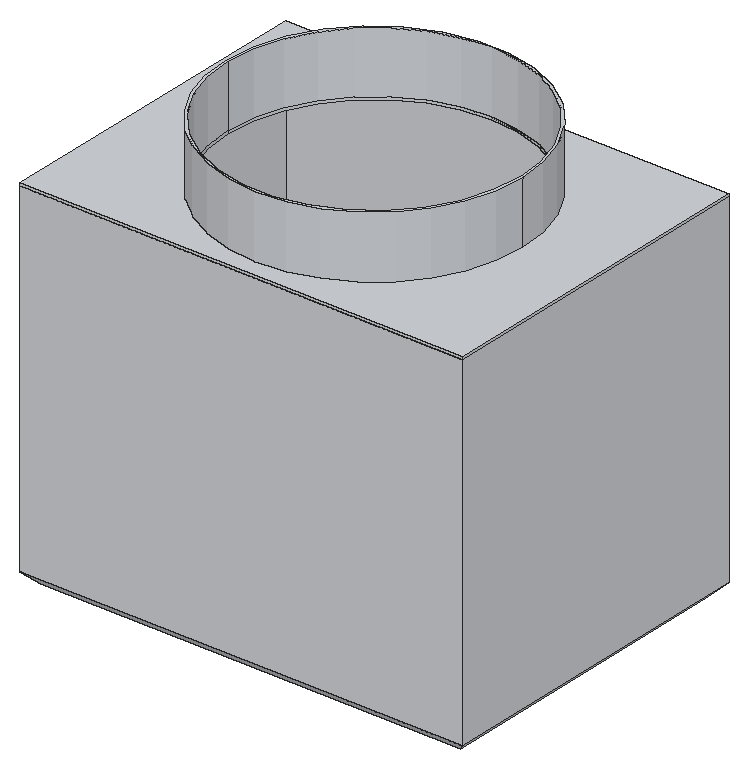
Revit family "CDS-0", category Air Terminals, Revit 2012
Parameters (values of type "CDS-0-S-16")
  URL = "http://www.innes.com.mx"
  Radio ext = Radio + 1/8"  # 8 1/16"
  Radio = 7 15/16"
  Mínima velocidad de cuello = 0 FPM
  Mínima presión estática = 0.00 in-wg
  Máximo nivel d ruido (NC) = ""
  Máxima velocidad de cuello = 0 FPM
  Máxima presión estática = 0.00 in-wg
  Material = ""
  Manufacturer = "INNES"
  Largo base B = Largo B - 1 1/4"  # 16 3/4"
  Largo B = 18"
  Espesor C = Ancho C - 1/8"  # 23 7/8"
  Espesor B = Largo B - 1/8"  # 17 7/8"
  Diametro espesor saliente = Diametro + 1/8"  # 6"
  Diametro = 5 7/8"
  Cuello = "Redondo"
  Caja izquierda = no
  Caja derecha = no
  Ancho base C = Ancho C - 1 1/4"  # 22 3/4"
  Ancho C = 24"
  Altura tapa = 19 1/2"
  Altura perfil = 5/8"
  Altura A = Altura tapa - 1/8"  # 19 3/8"
Types (12): name | Radio ext | Radio | Largo base B | Largo B | Espesor C | Espesor B | Caja izquierda | Caja derecha | Ancho base C | Ancho C
  CDS-0-I-06 | 3 1/16" | 2 15/16" | 6 3/4" | 8" | 11 7/8" | 7 7/8" | yes | no | 10 3/4" | 12"
  CDS-0-I-08 | 4 1/16" | 3 15/16" | 8 3/4" | 10" | 11 7/8" | 9 7/8" | yes | no | 10 3/4" | 12"
  CDS-0-I-10 | 5 1/16" | 4 15/16" | 11 1/4" | 12 1/2" | 13 7/8" | 12 3/8" | yes | no | 12 3/4" | 14"
  CDS-0-I-16 | 8 1/16" | 7 15/16" | 16 3/4" | 18" | 23 7/8" | 17 7/8" | yes | no | 22 3/4" | 24"
  CDS-0-D-06 | 3 1/16" | 2 15/16" | 6 3/4" | 8" | 11 7/8" | 7 7/8" | no | yes | 10 3/4" | 12"
  CDS-0-D-08 | 4 1/16" | 3 15/16" | 8 3/4" | 10" | 11 7/8" | 9 7/8" | no | yes | 10 3/4" | 12"
  CDS-0-D-10 | 5 1/16" | 4 15/16" | 11 1/4" | 12 1/2" | 13 7/8" | 12 3/8" | no | yes | 12 3/4" | 14"
  CDS-0-D-16 | 8 1/16" | 7 15/16" | 16 3/4" | 18" | 23 7/8" | 17 7/8" | no | yes | 22 3/4" | 24"
  CDS-0-S-06 | 3 1/16" | 2 15/16" | 6 3/4" | 8" | 11 7/8" | 7 7/8" | no | no | 10 3/4" | 12"
  CDS-0-S-08 | 4 1/16" | 3 15/16" | 8 3/4" | 10" | 11 7/8" | 9 7/8" | no | no | 10 3/4" | 12"
  CDS-0-S-10 | 5 1/16" | 4 15/16" | 11 1/4" | 12 1/2" | 13 7/8" | 12 3/8" | no | no | 12 3/4" | 14"
  CDS-0-S-16 | 8 1/16" | 7 15/16" | 16 3/4" | 18" | 23 7/8" | 17 7/8" | no | no | 22 3/4" | 24"
Reference planes (in)
  plane 1 "Center (Front/Back)": y = 0
  plane 2: z = 0
  plane 3 "Center (Left/Right)": x = 0
  plane 4: y = 9
  plane 5: y = 8.9375
  plane 6: y = -8.9375
  plane 7: y = -9
  plane 8: x = -12
  plane 9: x = -11.9375
  plane 10: x = 11.9375
  plane 11: x = 12
  plane 12 "Altura": z = 19.375
  plane 13 "Altura perfil": z = 0.625
  plane 14: y = 8.375
  plane 15: y = -8.375
  plane 16: x = -11.375
  plane 17: x = 11.375
  plane 18 "Altura tapa": z = 19.5
  plane 19: x = -2.9375
  plane 20: x = 2.9375
  plane 21: y = 2.9375
  plane 22: y = -2.9375
  plane 23 "Altura saliente": z = 22.875
  plane 24: x = -3
  plane 25: x = 3
  plane 26: y = 3
  plane 27: y = -3
  plane 28 "Altura caja": z = 11.4375
  plane 29 "Altura caja final": z = 25.4375
Forms (in)
  Extrusion 1, solid
    sketch origin (7.14786, 5.34471, 0) x (1, 0, 0) y (0, 1, 0)
      loop
        line (-19.14786, 3.65529) -> (-19.14786, -14.34471) -> (4.85214, -14.34471) -> (4.85214, 3.65529) -> (-19.14786, 3.65529)
      loop
        line (-19.08536, 3.59279) -> (-19.08536, -14.28221) -> (4.78964, -14.28221) -> (4.78964, 3.59279) -> (-19.08536, 3.59279)
    from 0.625 to 19.375
  Blend 2, solid
    base sketch origin (0, 0, 0) x (1, 0, 0) y (0, 1, 0)
      loop
        line (-11.375, 8.375) -> (-11.375, -8.375) -> (11.375, -8.375) -> (11.375, 8.375) -> (-11.375, 8.375)
    top sketch origin (0, 0, 0.625) x (-1, 0, 0) y (0, -1, 0)
      loop
        line (12, -9) -> (12, 9) -> (-12, 9) -> (-12, -9) -> (12, -9)
    from 0 to 0
  Extrusion 3, solid
    sketch origin (0, 0, 19.375) x (-1, 0, 0) y (0, -1, 0)
      loop
        line (12, -9) -> (12, 9) -> (-12, 9) -> (-12, -9) -> (12, -9)
      loop
        circle (0, 0) r 7.9375
    from 0 to 0.125
  Extrusion 4, solid
    sketch origin (0, 0, 19.5) x (-1, 0, 0) y (0, -1, 0)
      loop
        circle (0, 0) r 8.0625
      loop
        circle (0, 0) r 7.9375
    from 0 to 3.375
  Extrusion 5, solid, visible <- "Caja derecha"
    sketch origin (0, 0, 25.4375) x (-1, 0, 0) y (0, -1, 0)
      loop
        line (-12, -3) -> (-12, 8.375) -> (-17.5, 8.375) -> (-17.5, -3) -> (-12, -3)
    from 0 to -14
  Extrusion 6, void
    sketch origin (0, 0, 25.4375) x (-1, 0, 0) y (0, -1, 0)
      loop
        circle (-14.52345, 2.13549) r 0.5
      loop
        circle (-14.48476, 0) r 0.5
    from 0 to -7
  Extrusion 7, solid, visible <- "Caja izquierda"
    sketch origin (0, 0, 25.4375) x (1, 0, 0) y (0, 1, 0)
      loop
        line (-12, 3) -> (-17.5, 3) -> (-17.5, -8.375) -> (-12, -8.375) -> (-12, 3)
    from 0 to -14
  Extrusion 8, void
    sketch origin (0, 0, 25.4375) x (-1, 0, 0) y (0, -1, 0)
      loop
        circle (13.82537, 0) r 0.5
      loop
        circle (13.80453, 2.28471) r 0.5
    from 0 to -7
Cuts and joins
  Extrusion 6 cuts Extrusion 5
  Extrusion 8 cuts Extrusion 7
Lines and regions (in)
  model lines
    curve 1: line (-2.06304, 2.09112, 19.375) -> (2.09112, -2.06304, 19.375)
    curve 2: line (2.11905, 2.03434, 19.375) -> (-2.11905, -2.03434, 19.375)
    curve 3: circle (0, 0, 19.375) r 0.25 normal (0, 0, 1)
    curve 4: circle (-11.21695, 8.65164, 19.5) r 0.25 normal (0, 0, 1)
    curve 5: circle (11.03305, 8.65164, 19.5) r 0.25 normal (0, 0, 1)
    curve 6: circle (11.03305, -8.59836, 19.5) r 0.25 normal (0, 0, 1)
    curve 7: circle (-10.96695, -8.59836, 19.5) r 0.25 normal (0, 0, 1)
Dimensions and locks (in)
  equal spacing: plane 8, plane 3 "Center (Left/Right)", plane 11
  "Ancho C": plane 8 to plane 11
  equal spacing: plane 4, plane 1 "Center (Front/Back)", plane 7
  "Largo B": plane 4 to plane 7
  equal spacing: plane 9, plane 3 "Center (Left/Right)", plane 10
  "Espesor C": plane 9 to plane 10
  equal spacing: plane 5, plane 1 "Center (Front/Back)", plane 6
  "Espesor B": plane 5 to plane 6
  "Altura perfil": plane 13 "Altura perfil" to level
  "Altura A": plane 12 "Altura" to level
  equal spacing: plane 16, plane 3 "Center (Left/Right)", plane 17
  "Ancho base C": plane 16 to plane 17
  equal spacing: plane 14, plane 1 "Center (Front/Back)", plane 15
  "Largo base B": plane 14 to plane 15
  "Altura tapa": plane 18 "Altura tapa" to level
  equal spacing: plane 19, plane 3 "Center (Left/Right)", plane 20
  "Diametro": plane 19 to plane 20
  equal spacing: plane 21, plane 1 "Center (Front/Back)", plane 22
  "Diametro": plane 21 to plane 22
  locked: plane 23 "Altura saliente" to level at 22.875
  equal spacing: plane 24, plane 3 "Center (Left/Right)", plane 25
  "Diametro espesor saliente": plane 24 to plane 25
  equal spacing: plane 26, plane 1 "Center (Front/Back)", plane 27
  "Diametro espesor saliente": plane 26 to plane 27
  locked: plane 28 "Altura caja" to level at 11.4375
  locked: plane 29 "Altura caja final" to plane 28 "Altura caja" at 14
  Extrusion 3 to Extrusion 5 sketch curve = 5 1/2"
  "Radio": radius of Extrusion 3 sketch curve
  "Radio ext": radius of Extrusion 4 sketch curve
  "Radio": radius of Extrusion 4 sketch curve
  aligned and locked: plane 2 to level
  aligned and locked: Extrusion 1 sketch curve to plane 4
  aligned and locked: plane 8 to Extrusion 1 sketch curve
  aligned and locked: plane 7 to Extrusion 1 sketch curve
  aligned and locked: Extrusion 1 sketch curve to plane 11
  aligned and locked: Extrusion 1 sketch curve to plane 5
  aligned and locked: plane 9 to Extrusion 1 sketch curve
  aligned and locked: plane 6 to Extrusion 1 sketch curve
  aligned and locked: Extrusion 1 sketch curve to plane 10
  aligned and locked: plane 12 "Altura" to Extrusion 1
  aligned and locked: Extrusion 1 to plane 13 "Altura perfil"
  aligned and locked: Blend 2 sketch curve to plane 14
  aligned and locked: Blend 2 sketch curve to plane 16
  aligned and locked: plane 15 to Blend 2 sketch curve
  aligned and locked: Blend 2 sketch curve to plane 17
  aligned and locked: Blend 2 sketch curve to Extrusion 1  (x4)
  aligned and locked: Blend 2 to Extrusion 1
  aligned and locked: Extrusion 3 sketch curve to Extrusion 1  (x3)
Automatic sketch dimensions
  Extrusion 1 sketch curve to plane 7 = 0"
  Extrusion 3 sketch curve to plane 4 = 0"
  Extrusion 3 sketch curve to plane 11 = 0"
  plane 1 "Center (Front/Back)" to Extrusion 3 sketch curve = 0"
  Extrusion 3 sketch curve to plane 3 "Center (Left/Right)" = 0"
  Extrusion 4 sketch curve to Extrusion 4 sketch curve = 0"  (x2)
  plane 1 "Center (Front/Back)" to Extrusion 4 sketch curve = 0"
  Extrusion 4 sketch curve to plane 3 "Center (Left/Right)" = 0"
  plane 1 "Center (Front/Back)" to Extrusion 6 sketch curve = 0"
  plane 22 to Extrusion 6 sketch curve = 0.80201"
  plane 11 to Extrusion 6 sketch curve = 2 67/128"
  Extrusion 6 sketch curve to Extrusion 6 sketch curve = 0.03869"
  plane 1 "Center (Front/Back)" to curve 3 = 0"
  curve 3 to plane 3 "Center (Left/Right)" = 0"
  curve 1 to plane 20 = 0.84638"
  curve 2 to plane 20 = 0.81845"
  plane 19 to curve 1 = 0.87446"
  plane 19 to curve 2 = 0.81845"
  curve 2 to plane 21 = 0.90316"
  curve 1 to plane 21 = 0.84638"
  plane 22 to curve 2 = 0.90316"
  plane 22 to curve 1 = 0.87446"
  curve 5 to plane 17 = 0.34195"
  curve 6 to plane 17 = 0.34195"
  plane 16 to curve 7 = 0.40805"
  plane 16 to curve 4 = 0.15805"
  plane 14 to curve 5 = 0.27664"
  plane 14 to curve 4 = 0.27664"
  curve 7 to plane 15 = 0.22336"
  curve 6 to plane 15 = 0.22336"
  Extrusion 7 sketch curve to plane 26 = 0"
  Extrusion 7 sketch curve to plane 15 = 0"
  Extrusion 7 sketch curve to plane 8 = 0"
  Extrusion 7 sketch curve to Extrusion 7 sketch curve = 5 1/2"
  plane 1 "Center (Front/Back)" to Extrusion 8 sketch curve = 0"
  plane 22 to Extrusion 8 sketch curve = 0.65279"
  Extrusion 8 sketch curve to plane 8 = 1.80453"
  Extrusion 8 sketch curve to plane 8 = 1.82537"
  Extrusion 5 sketch curve to plane 11 = 0"
  Extrusion 5 sketch curve to plane 26 = 0"
  Extrusion 5 sketch curve to plane 15 = 0"
  radius of Extrusion 6 sketch curve = 1/2"  (x2)
  radius of curve 3 = 1/4"
  radius of curve 4 = 1/4"
  radius of curve 5 = 1/4"
  radius of curve 6 = 1/4"
  radius of curve 7 = 1/4"
  radius of Extrusion 8 sketch curve = 1/2"  (x2)
Connectors (in)
  hvac at (0, 0, 22.875), driven by "Radio"
    settings: on Extrusion 4, index 1, duct flow 0 CFM, flow factor 0, pres drop 0.00 in-wg, loss coef 0, conn angle 0.00°, conn width 12", conn height 12", conn radius 7 15/16", duct sys type 1, conn prof type 0, flow config 0, flow direction 0, loss method 0, conn ref index -1, conn util no, is conn primary yes, conn desc ""
